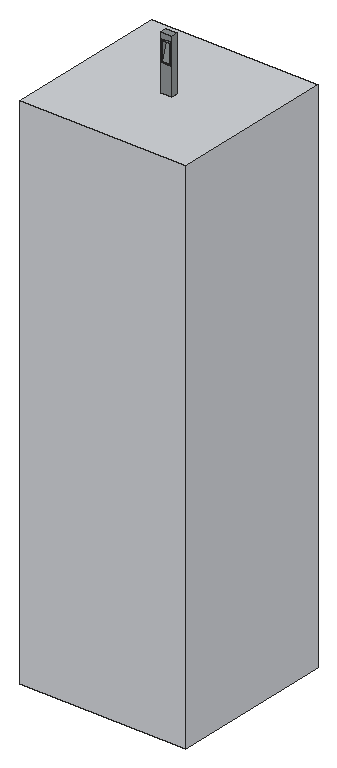
Revit family "Световой боллард Акцент", category Осветительные приборы, Revit 2018 (continued)
Definition of nested family "GALAD Акцент LED под анкер"
  Types (2, lengths in mm): name | Photometric Web File | built-in parameter 1150105 | Lumens | built-in parameter 1150106 | built-in parameter 1150142 | Wattage | ADSK_Наименование краткое | ADSK_Наименование | ADSK_Марка
    Световой боллард "Акцент" LED-20/727/YW360F в комплекте с анкерной закладной | "Akcent LED-15.ies" | 38.88 (stored number, unit not read) | 40 lm | 0.3888 (stored number, unit not read) | "IESNA:LM-63-2002\r\n[TEST] Акцент LED-15 Боллард для ландшафтного и садовопаркового сегмента\r\n[TESTLAB] GALAD(ЛЗСИ) \r\n[ISSUEDATE] 16/12/2021\r\n[MANUFAC] GALAD \r\n[LUMCAT] Акцент LED-15 (730/RAL7040/0/900/GEN1)\r\n[LUMINAIRE] \r\n[LAMPCAT] COB 730\r\n[LAMP] LED Citizen \r\n[OTHER] CCT=3000K, CRI=70, RG1\r\nTILT=NONE\r\n1 750 2.67 91 37 1 2 0.140 0.090 0.200\r\n1 1 15\r\n0 2 4 6 8 10 12 14 16 18 20 22 24 26 28 30 32 34 36 38 40 42 44 46 48 50 52 \r\n54 56 58 60 62 64 66 68 70 72 74 76 78 80 82 84 86 88 90 92 94 96 98 100 102 \r\n104 106 108 110 112 114 116 118 120 122 124 126 128 130 132 134 136 138 140 \r\n142 144 146 148 150 152 154 156 158 160 162 164 166 168 170 172 174 176 178 \r\n180 \r\n0 5 10 15 20 25 30 35 40 45 50 55 60 65 70 75 80 85 90 95 100 105 110 115 120 \r\n125 130 135 140 145 150 155 160 165 170 175 180 \r\n0.02 0.08 0.21 0.39 0.62 2.18 8.22 21.48 67.09 248.6 394.3 415.7 417.1 413.5 \r\n422.6 428.2 430.6 429.8 425.6 418.7 408.7 397.1 383.3 368.1 351.2 333.8 315.3 \r\n296.7 277.8 259.1 240.1 222.2 204.4 187.5 171.4 156.7 142.2 128.8 116.6 105.2 \r\n94.8 85.1 76.26 67.71 59.81 52.18 46.14 42.37 39.57 38.01 36.45 34.46 31.53 \r\n28.06 25.19 22.65 20.51 18.61 16.93 15.41 14.09 12.86 11.74 10.73 9.8 8.95 8.15 \r\n7.43 6.75 6.13 5.55 5.02 4.51 4.06 3.63 3.23 2.85 2.52 2.19 1.9 1.63 1.39 1.15 \r\n0.95 0.76 0.56 0.34 0.18 0.04 0.01 0.01 \r\n0.02 0.07 0.21 0.39 0.62 2.13 8.16 21.38 65.89 245.3 398.8 422.35 424.15 420 \r\n428.05 433.5 435.6 434.25 429.7 422.3 411.9 399.7 385.4 369.7 352.5 334.8 315.85 \r\n297.05 278 259.1 239.95 222 204.2 187.3 171.15 156.35 141.85 128.4 116.25 104.75 \r\n94.35 84.6 75.74 67.14 59.24 51.67 45.71 41.97 39.17 37.65 36.09 34.11 31.17 \r\n27.75 24.93 22.43 20.34 18.48 16.83 15.33 14.04 12.82 11.73 10.73 9.81 8.96 \r\n8.18 7.47 6.79 6.17 5.59 5.06 4.55 4.1 3.67 3.27 2.89 2.55 2.22 1.93 1.65 1.4 \r\n1.17 0.96 0.77 0.56 0.34 0.18 0.04 0.01 0.01 \r\n0.02 0.08 0.21 0.4 0.62 1.95 7.78 20.39 60.19 226.5 397.95 427.4 430.4 424.2 \r\n431.3 436 437.4 435.35 429.95 421.65 410.3 397.2 382.2 365.75 348.05 329.95 \r\n310.85 292 272.95 254.15 235.2 217.6 199.95 183.3 167.5 152.95 138.65 125.3 \r\n113.35 101.95 91.7 82.05 73.12 64.6 56.79 49.47 43.92 40.35 37.66 36.26 34.78 \r\n32.9 30.04 26.84 24.2 21.86 19.88 18.1 16.53 15.1 13.85 12.68 11.61 10.64 9.74 \r\n8.91 8.14 7.45 6.78 6.17 5.59 5.07 4.57 4.12 3.69 3.29 2.91 2.57 2.24 1.95 1.67 \r\n1.41 1.17 0.97 0.77 0.56 0.34 0.17 0.04 0.01 0.01 \r\n0.02 0.07 0.21 0.38 0.62 1.6 7.05 18.43 50.74 189.6 383.75 425.15 429.2 422 \r\n425.25 428.6 428 423.75 415.9 405.4 392.05 377.65 361.65 344.8 327 309.3 290.85 \r\n272.8 254.7 236.95 219.2 202.6 186.05 170.4 155.5 141.8 128.35 115.8 104.45 \r\n93.6 83.75 74.65 66.18 58.14 50.97 44.52 39.75 36.67 34.35 33.28 32.03 30.41 \r\n27.83 25.13 22.84 20.78 19 17.38 15.94 14.6 13.43 12.32 11.32 10.4 9.53 8.74 \r\n7.99 7.32 6.68 6.09 5.53 5.01 4.53 4.09 3.66 3.27 2.89 2.56 2.23 1.93 1.66 1.4 \r\n1.17 0.96 0.76 0.54 0.33 0.17 0.04 0.01 0.01 \r\n0.02 0.07 0.2 0.38 0.61 1.12 5.93 15.47 39.51 139.7 347 411.3 417.45 411.3 406.95 \r\n405.3 399.65 391 379.85 367.25 352.65 338.05 322.3 306.4 289.75 273.45 256.7 \r\n240.3 224.05 208.15 192.2 177.3 162.5 148.5 135.1 122.85 110.8 99.55 89.4 79.7 \r\n70.9 62.8 55.44 48.64 42.69 37.59 33.79 31.5 29.77 29.15 28.2 26.94 24.92 22.87 \r\n21.04 19.32 17.8 16.38 15.1 13.89 12.83 11.81 10.89 10.01 9.2 8.47 7.76 7.12 \r\n6.5 5.93 5.41 4.91 4.43 4.01 3.6 3.21 2.85 2.52 2.2 1.91 1.64 1.39 1.16 0.95 \r\n0.75 0.52 0.31 0.15 0.03 0.01 0.01 \r\n0.02 0.06 0.19 0.37 0.58 0.9 4.63 12.23 29 88.5 266.35 357.25 366.5 362.45 354.15 \r\n347.45 338.7 329.05 317.7 306.15 293.25 280.5 266.95 253.25 239.1 225.3 211.05 \r\n197.3 183.65 170.3 157 144.6 132.25 120.65 109.65 99.5 89.5 80.2 71.85 63.9 \r\n56.85 50.4 44.69 39.53 35.22 31.32 28.41 26.81 25.6 25.22 24.5 23.48 22 20.47 \r\n19.04 17.64 16.36 15.15 14.05 12.98 12.04 11.12 10.29 9.49 8.76 8.07 7.41 6.82 \r\n6.24 5.7 5.2 4.73 4.28 3.88 3.47 3.11 2.76 2.44 2.13 1.86 1.59 1.35 1.12 0.92 \r\n0.73 0.49 0.29 0.14 0.02 0.01 0.01 \r\n0.02 0.06 0.19 0.34 0.56 0.86 3.34 9.11 20.18 48.6 137.1 207.6 221.55 222.35 \r\n218.2 214.75 209.45 204.1 198.2 192.2 185.15 177.8 170.35 162.75 154.65 146.85 \r\n138.25 130.25 122.1 114.05 106 98.55 90.9 83.7 76.7 70.25 63.85 57.85 52.55 \r\n47.45 43 38.9 35.29 32.03 29.17 26.38 24.32 23.16 22.3 21.98 21.38 20.51 19.38 \r\n18.2 17.06 15.92 14.86 13.84 12.9 11.98 11.15 10.35 9.6 8.89 8.22 7.59 6.99 \r\n6.45 5.91 5.42 4.95 4.51 4.09 3.7 3.33 2.97 2.64 2.34 2.05 1.78 1.53 1.3 1.08 \r\n0.89 0.68 0.45 0.26 0.12 0.01 0.01 0.01 \r\n0.02 0.06 0.17 0.32 0.52 0.79 2.12 6.3 13.34 26 51.8 78.45 93.05 99.15 100 98.8 \r\n97.65 96.25 94.6 92.8 90.65 88.3 85.75 82.85 79.9 76.85 73.6 70.55 67.25 63.95 \r\n60.65 57.45 54.1 50.9 47.7 44.75 41.85 39.1 36.55 34.05 31.8 29.7 27.82 25.95 \r\n24.17 22.39 21.05 20.13 19.5 19.18 18.64 17.86 16.95 15.99 15.07 14.15 13.27 \r\n12.43 11.64 10.85 10.15 9.45 8.8 8.18 7.59 7.03 6.49 6.01 5.51 5.07 4.64 4.23 \r\n3.84 3.48 3.13 2.81 2.49 2.21 1.93 1.68 1.45 1.23 1.02 0.84 0.62 0.4 0.23 0.1 \r\n0.01 0.01 0.01 \r\n0.02 0.05 0.16 0.3 0.48 0.73 1.14 4.06 8.53 15.05 25.4 39 52.9 62.05 65.3 65.4 \r\n64.6 63.6 62.45 61.1 59.55 57.9 56.05 54.15 52.15 50.25 48.25 46.35 44.45 42.6 \r\n40.7 38.95 37.2 35.5 33.9 32.4 30.85 29.4 28.1 26.7 25.45 24.25 23.09 21.89 \r\n20.72 19.57 18.64 17.85 17.35 16.99 16.44 15.72 14.92 14.11 13.32 12.55 11.81 \r\n11.1 10.43 9.77 9.16 8.56 7.99 7.45 6.93 6.44 5.97 5.52 5.09 4.68 4.29 3.92 \r\n3.57 3.24 2.92 2.62 2.33 2.07 1.8 1.57 1.35 1.15 0.96 0.78 0.54 0.34 0.19 0.08 \r\n0.01 0.01 0.01 \r\n0.02 0.05 0.14 0.27 0.43 0.64 0.95 2.35 5.14 8.85 14.3 22.15 32.9 43.65 50.8 \r\n53.45 53.25 52.25 50.9 49.4 47.75 46 44.25 42.45 40.7 39 37.35 35.8 34.3 32.9 \r\n31.45 30.15 28.95 27.8 26.65 25.65 24.65 23.65 22.7 21.8 21 20.1 19.33 18.49 \r\n17.69 16.92 16.25 15.64 15.27 14.89 14.37 13.73 13.06 12.37 11.71 11.06 10.43 \r\n9.82 9.25 8.68 8.16 7.64 7.16 6.69 6.24 5.8 5.39 5.01 4.61 4.26 3.91 3.58 3.26 \r\n2.96 2.67 2.4 2.14 1.89 1.66 1.45 1.25 1.06 0.88 0.67 0.45 0.28 0.16 0.05 0.01 \r\n0.01 0.01 \r\n0.02 0.04 0.12 0.24 0.38 0.57 0.82 1.25 2.91 5.05 8.1 12.35 18.75 27.45 36.65 \r\n42.75 45 44.65 43.4 41.9 40.1 38.35 36.6 34.95 33.3 31.75 30.3 28.9 27.65 26.4 \r\n25.2 24.15 23.15 22.2 21.35 20.55 19.75 19 18.3 17.6 16.95 16.35 15.8 15.21 \r\n14.65 14.14 13.64 13.22 12.94 12.57 12.15 11.64 11.11 10.59 10.06 9.54 9.05 \r\n8.56 8.08 7.61 7.18 6.74 6.33 5.93 5.53 5.16 4.8 4.47 4.13 3.82 3.51 3.21 2.93 \r\n2.66 2.4 2.16 1.92 1.71 1.5 1.3 1.12 0.95 0.76 0.55 0.37 0.23 0.12 0.04 0.01 \r\n0.01 0.01 \r\n0.02 0.04 0.1 0.2 0.33 0.5 0.69 1 1.55 2.8 4.4 6.55 9.8 14.7 21.4 27.9 32.35 \r\n34 33.85 32.95 31.7 30.25 28.85 27.45 26.1 24.85 23.65 22.55 21.55 20.55 19.65 \r\n18.8 18 17.25 16.6 15.95 15.35 14.75 14.25 13.75 13.3 12.85 12.48 12.07 11.71 \r\n11.36 11.02 10.73 10.51 10.2 9.86 9.49 9.11 8.73 8.34 7.95 7.58 7.21 6.84 6.47 \r\n6.13 5.78 5.45 5.12 4.8 4.49 4.18 3.9 3.62 3.34 3.08 2.82 2.58 2.35 2.12 1.9 \r\n1.7 1.51 1.32 1.15 1 0.82 0.61 0.42 0.28 0.17 0.08 0.01 0.01 0.01 0.01 \r\n0.02 0.03 0.09 0.17 0.28 0.41 0.57 0.8 1.11 1.55 2.4 3.45 5.1 7.35 10.5 14 17.35 \r\n19.7 20.8 21 20.65 20.05 19.3 18.5 17.65 16.95 16.2 15.55 14.9 14.3 13.8 13.25 \r\n12.8 12.3 11.9 11.55 11.15 10.8 10.5 10.2 9.95 9.65 9.48 9.23 9.01 8.8 8.58 \r\n8.39 8.2 7.97 7.74 7.48 7.22 6.95 6.68 6.4 6.13 5.86 5.59 5.31 5.05 4.79 4.53 \r\n4.28 4.02 3.77 3.53 3.3 3.06 2.84 2.62 2.41 2.2 2.01 1.82 1.63 1.46 1.29 1.13 \r\n0.99 0.81 0.61 0.44 0.3 0.19 0.11 0.05 0.01 0.01 0.01 0.01 \r\n0.02 0.02 0.08 0.14 0.22 0.32 0.46 0.62 0.82 1.1 1.5 2.05 2.8 3.85 5.1 6.45 \r\n7.95 9.3 10.3 10.95 11.2 11.25 11.1 10.85 10.6 10.3 9.95 9.65 9.4 9.1 8.9 8.6 \r\n8.4 8.2 8 7.9 7.7 7.55 7.4 7.25 7.1 7 6.89 6.77 6.64 6.53 6.4 6.3 6.16 6.01 \r\n5.86 5.7 5.53 5.34 5.16 4.97 4.78 4.59 4.39 4.2 4.01 3.82 3.63 3.43 3.24 3.06 \r\n2.87 2.68 2.5 2.33 2.15 1.99 1.82 1.66 1.5 1.36 1.21 1.08 0.92 0.72 0.55 0.41 \r\n0.28 0.19 0.12 0.05 0.01 0.01 0.01 0.01 0.01 \r\n0.02 0.02 0.05 0.1 0.17 0.25 0.34 0.46 0.6 0.75 1 1.25 1.65 2.05 2.6 3.15 3.75 \r\n4.35 4.9 5.3 5.6 5.8 5.9 5.95 5.9 5.9 5.8 5.7 5.65 5.55 5.5 5.4 5.35 5.3 5.2 \r\n5.15 5.1 5 5 4.9 4.85 4.8 4.78 4.72 4.66 4.6 4.53 4.47 4.41 4.32 4.23 4.12 4.01 \r\n3.9 3.79 3.66 3.54 3.41 3.29 3.15 3.02 2.88 2.75 2.62 2.48 2.35 2.2 2.08 1.93 \r\n1.81 1.67 1.54 1.42 1.3 1.18 1.07 0.89 0.72 0.56 0.43 0.32 0.23 0.15 0.09 0.05 \r\n0.01 0.01 0.01 0.01 0.01 0.01 \r\n0.02 0.02 0.04 0.06 0.12 0.17 0.23 0.31 0.41 0.5 0.6 0.75 0.95 1.15 1.35 1.55 \r\n1.85 2.05 2.3 2.5 2.7 2.8 3 3.05 3.1 3.15 3.2 3.2 3.2 3.2 3.2 3.2 3.2 3.2 3.15 \r\n3.15 3.15 3.15 3.1 3.05 3.05 3.05 3.08 3.06 3.03 3.01 2.97 2.95 2.91 2.88 2.83 \r\n2.77 2.71 2.64 2.58 2.5 2.42 2.35 2.27 2.18 2.1 2.02 1.93 1.84 1.75 1.65 1.57 \r\n1.48 1.38 1.29 1.21 1.12 1 0.85 0.69 0.56 0.44 0.34 0.26 0.19 0.13 0.09 0.05 \r\n0.03 0.01 0.01 0.01 0.01 0.01 0.01 0.01 \r\n0.02 0.02 0.02 0.04 0.06 0.09 0.12 0.18 0.22 0.3 0.35 0.45 0.5 0.6 0.7 0.75 \r\n0.85 0.95 1.05 1.15 1.25 1.35 1.4 1.45 1.5 1.55 1.6 1.6 1.65 1.65 1.7 1.7 1.7 \r\n1.75 1.75 1.75 1.75 1.75 1.75 1.75 1.75 1.75 1.75 1.75 1.74 1.73 1.72 1.71 1.7 \r\n1.68 1.65 1.62 1.6 1.57 1.53 1.49 1.46 1.41 1.37 1.32 1.27 1.23 1.18 1.12 1.08 \r\n1.02 0.96 0.89 0.8 0.7 0.61 0.51 0.42 0.34 0.27 0.21 0.16 0.12 0.09 0.06 0.04 \r\n0.03 0.02 0.02 0.01 0.01 0.01 0.01 0.01 0.01 0.01 \r\n0.02 0.02 0.02 0.02 0.02 0.03 0.04 0.05 0.08 0.1 0.1 0.1 0.2 0.2 0.25 0.25 0.3 \r\n0.35 0.35 0.35 0.45 0.45 0.45 0.45 0.55 0.55 0.55 0.55 0.6 0.65 0.65 0.65 0.65 \r\n0.65 0.65 0.65 0.65 0.65 0.7 0.65 0.7 0.7 0.71 0.71 0.71 0.71 0.7 0.7 0.7 0.69 \r\n0.69 0.68 0.67 0.65 0.65 0.63 0.62 0.61 0.58 0.57 0.55 0.53 0.51 0.49 0.47 0.44 \r\n0.41 0.38 0.34 0.29 0.25 0.21 0.17 0.14 0.11 0.09 0.06 0.05 0.04 0.03 0.03 0.02 \r\n0.02 0.01 0.01 0.01 0.01 0.01 0.01 0.02 0.01 \r\n0.02 0.02 0.02 0.02 0.02 0.02 0.02 0.02 0.02 0.1 0.1 0.1 0.2 0.2 0.25 0.25 0.3 \r\n0.35 0.35 0.35 0.45 0.45 0.45 0.45 0.55 0.55 0.55 0.55 0.6 0.65 0.65 0.65 0.65 \r\n0.65 0.65 0.62 0.61 0.61 0.66 0.61 0.66 0.66 0.02 0.02 0.03 0.02 0.02 0.03 0.02 \r\n0.02 0.02 0.03 0.02 0.02 0.02 0.03 0.03 0.01 0.02 0.03 0.02 0.01 0.01 0.01 0.02 \r\n0.01 0.01 0.01 0.01 0.01 0.01 0.01 0.01 0.02 0.01 0.01 0.02 0.01 0.01 0.01 0.02 \r\n0.01 0.01 0.01 0.01 0.01 0.01 0.01 0.01 0.01 0.01 \r\n0.02 0.02 0.02 0.02 0.02 0.02 0.02 0.02 0.02 0.1 0.1 0.1 0.2 0.2 0.25 0.25 0.3 \r\n0.35 0.35 0.35 0.45 0.45 0.45 0.45 0.55 0.55 0.55 0.55 0.6 0.65 0.65 0.65 0.65 \r\n0.65 0.65 0.59 0.58 0.57 0.62 0.58 0.62 0.62 0.01 0.02 0.02 0.02 0.01 0.02 0.01 \r\n0.01 0.01 0.01 0.01 0.02 0.02 0.02 0.01 0.01 0.02 0.01 0.01 0.01 0.01 0.01 0.01 \r\n0.01 0.02 0.02 0.02 0.01 0.01 0.01 0.02 0.01 0.01 0.01 0.02 0.01 0.01 0.01 0.01 \r\n0.01 0.01 0.01 0.01 0.01 0.01 0.01 0.01 0.01 0.01 \r\n0.02 0.02 0.02 0.02 0.02 0.02 0.02 0.02 0.02 0.1 0.1 0.1 0.2 0.2 0.25 0.25 0.3 \r\n0.35 0.35 0.35 0.45 0.45 0.45 0.45 0.55 0.55 0.55 0.55 0.6 0.65 0.65 0.65 0.65 \r\n0.65 0.65 0.56 0.54 0.54 0.59 0.54 0.58 0.58 0.02 0.02 0.02 0.02 0.01 0.01 0.02 \r\n0.02 0.02 0.01 0.02 0.02 0.02 0.02 0.02 0.02 0.02 0.01 0.01 0.02 0.01 0.02 0.01 \r\n0.01 0.02 0.02 0.01 0.01 0.01 0.01 0.02 0.01 0.02 0.01 0.01 0.02 0.01 0.01 0.01 \r\n0.02 0.01 0.01 0.02 0.01 0.01 0.01 0.01 0.01 0.01 \r\n0.02 0.02 0.02 0.02 0.02 0.02 0.02 0.02 0.02 0.1 0.1 0.1 0.2 0.2 0.25 0.25 0.3 \r\n0.35 0.35 0.35 0.45 0.45 0.45 0.45 0.55 0.55 0.55 0.55 0.6 0.65 0.65 0.65 0.65 \r\n0.65 0.65 0.53 0.51 0.5 0.55 0.5 0.55 0.55 0.02 0.02 0.02 0.02 0.02 0.02 0.02 \r\n0.02 0.02 0.02 0.02 0.02 0.02 0.02 0.02 0.02 0.02 0.02 0.02 0.02 0.02 0.02 0.01 \r\n0.01 0.01 0.01 0.01 0.01 0.02 0.01 0.02 0.02 0.01 0.02 0.02 0.02 0.02 0.02 0.02 \r\n0.01 0.02 0.02 0.01 0.02 0.02 0.01 0.01 0.01 0.01 \r\n0.02 0.02 0.02 0.02 0.01 0.02 0.02 0.02 0.01 0.1 0.1 0.1 0.2 0.2 0.25 0.25 0.3 \r\n0.35 0.35 0.35 0.45 0.45 0.45 0.45 0.55 0.55 0.55 0.55 0.6 0.65 0.65 0.65 0.65 \r\n0.65 0.65 0.5 0.47 0.46 0.51 0.47 0.51 0.51 0.02 0.02 0.02 0.02 0.02 0.02 0.02 \r\n0.02 0.02 0.02 0.02 0.02 0.02 0.02 0.02 0.02 0.02 0.02 0.02 0.02 0.02 0.02 0.02 \r\n0.02 0.02 0.01 0.02 0.02 0.01 0.02 0.02 0.02 0.02 0.02 0.02 0.02 0.02 0.02 0.02 \r\n0.02 0.02 0.02 0.02 0.02 0.02 0.01 0.01 0.01 0.01 \r\n0.02 0.02 0.02 0.02 0.02 0.02 0.01 0.02 0.02 0.1 0.1 0.1 0.2 0.2 0.25 0.25 0.3 \r\n0.35 0.35 0.35 0.45 0.45 0.45 0.45 0.55 0.55 0.55 0.55 0.6 0.65 0.65 0.65 0.65 \r\n0.65 0.65 0.46 0.44 0.42 0.47 0.43 0.47 0.47 0.02 0.02 0.02 0.02 0.02 0.02 0.02 \r\n0.02 0.02 0.02 0.02 0.02 0.02 0.02 0.02 0.02 0.02 0.02 0.02 0.02 0.02 0.02 0.02 \r\n0.02 0.02 0.02 0.02 0.02 0.02 0.02 0.02 0.02 0.02 0.02 0.02 0.02 0.02 0.03 0.03 \r\n0.03 0.03 0.03 0.03 0.02 0.01 0.01 0.01 0.01 0.01 \r\n0.02 0.02 0.02 0.01 0.02 0.02 0.02 0.02 0.02 0.1 0.1 0.1 0.2 0.2 0.25 0.25 0.3 \r\n0.35 0.35 0.35 0.45 0.45 0.45 0.45 0.55 0.55 0.55 0.55 0.6 0.65 0.65 0.65 0.65 \r\n0.65 0.65 0.43 0.4 0.38 0.44 0.39 0.43 0.43 0.03 0.03 0.03 0.03 0.03 0.03 0.03 \r\n0.02 0.03 0.03 0.02 0.03 0.03 0.02 0.02 0.02 0.02 0.02 0.02 0.02 0.02 0.02 0.02 \r\n0.02 0.02 0.02 0.02 0.02 0.02 0.02 0.02 0.02 0.02 0.02 0.03 0.03 0.03 0.03 0.03 \r\n0.03 0.03 0.03 0.03 0.02 0.02 0.01 0.01 0.01 0.01 \r\n0.02 0.02 0.02 0.02 0.02 0.02 0.02 0.02 0.02 0.1 0.1 0.1 0.2 0.2 0.25 0.25 0.3 \r\n0.35 0.35 0.35 0.45 0.45 0.45 0.45 0.55 0.55 0.55 0.55 0.6 0.65 0.65 0.65 0.65 \r\n0.65 0.65 0.4 0.37 0.35 0.4 0.36 0.39 0.39 0.03 0.03 0.03 0.03 0.03 0.03 0.03 \r\n0.03 0.03 0.03 0.03 0.03 0.03 0.03 0.03 0.03 0.03 0.02 0.03 0.03 0.02 0.02 0.02 \r\n0.02 0.02 0.02 0.02 0.02 0.02 0.02 0.03 0.03 0.03 0.03 0.03 0.03 0.04 0.04 0.04 \r\n0.04 0.04 0.04 0.03 0.03 0.02 0.01 0.01 0.01 0.01 \r\n0.02 0.02 0.02 0.02 0.01 0.01 0.02 0.02 0.02 0.1 0.1 0.1 0.2 0.2 0.25 0.25 0.3 \r\n0.35 0.35 0.35 0.45 0.45 0.45 0.45 0.55 0.55 0.55 0.55 0.6 0.65 0.65 0.65 0.65 \r\n0.65 0.65 0.37 0.33 0.31 0.36 0.32 0.35 0.35 0.03 0.03 0.03 0.03 0.03 0.03 0.03 \r\n0.03 0.03 0.03 0.03 0.03 0.03 0.03 0.03 0.03 0.03 0.03 0.03 0.03 0.03 0.03 0.03 \r\n0.03 0.02 0.03 0.02 0.02 0.02 0.03 0.03 0.03 0.03 0.04 0.04 0.04 0.05 0.05 0.05 \r\n0.05 0.05 0.04 0.03 0.03 0.03 0.01 0.01 0.01 0.01 \r\n0.02 0.02 0.01 0.02 0.01 0.01 0.02 0.02 0.01 0.1 0.1 0.1 0.2 0.2 0.25 0.25 0.3 \r\n0.35 0.35 0.35 0.45 0.45 0.45 0.45 0.55 0.55 0.55 0.55 0.6 0.65 0.65 0.65 0.65 \r\n0.65 0.65 0.34 0.3 0.27 0.32 0.28 0.31 0.31 0.03 0.03 0.04 0.04 0.04 0.04 0.04 \r\n0.04 0.04 0.04 0.04 0.04 0.04 0.04 0.04 0.04 0.04 0.04 0.03 0.03 0.03 0.03 0.03 \r\n0.03 0.03 0.03 0.03 0.03 0.03 0.04 0.04 0.04 0.05 0.05 0.05 0.06 0.06 0.06 0.06 \r\n0.05 0.05 0.05 0.04 0.03 0.02 0.01 0.01 0.01 0.01 \r\n0.02 0.02 0.02 0.02 0.01 0.01 0.02 0.02 0.02 0.1 0.1 0.1 0.2 0.2 0.25 0.25 0.3 \r\n0.35 0.35 0.35 0.45 0.45 0.45 0.45 0.55 0.55 0.55 0.55 0.6 0.65 0.65 0.65 0.65 \r\n0.65 0.65 0.31 0.26 0.23 0.29 0.25 0.27 0.27 0.04 0.04 0.04 0.05 0.04 0.05 0.05 \r\n0.05 0.05 0.05 0.05 0.05 0.05 0.05 0.05 0.05 0.05 0.05 0.05 0.05 0.04 0.04 0.04 \r\n0.04 0.04 0.03 0.04 0.04 0.04 0.05 0.05 0.06 0.06 0.07 0.07 0.07 0.07 0.07 0.07 \r\n0.06 0.05 0.05 0.04 0.03 0.03 0.01 0.01 0.01 0.01 \r\n0.02 0.01 0.01 0.02 0.01 0.01 0.02 0.02 0.01 0.1 0.1 0.1 0.2 0.2 0.25 0.25 0.3 \r\n0.35 0.35 0.35 0.45 0.45 0.45 0.45 0.55 0.55 0.55 0.55 0.6 0.65 0.65 0.65 0.65 \r\n0.65 0.65 0.28 0.22 0.19 0.25 0.21 0.23 0.23 0.04 0.05 0.05 0.05 0.05 0.05 0.05 \r\n0.06 0.06 0.06 0.06 0.06 0.06 0.06 0.06 0.06 0.06 0.06 0.06 0.06 0.06 0.05 0.05 \r\n0.05 0.05 0.05 0.05 0.05 0.06 0.06 0.07 0.08 0.08 0.08 0.08 0.08 0.08 0.08 0.07 \r\n0.07 0.06 0.05 0.04 0.03 0.03 0.01 0.01 0.01 0.01 \r\n0.02 0.01 0.01 0.01 0.02 0.01 0.01 0.02 0.01 0.1 0.1 0.1 0.2 0.2 0.25 0.25 0.3 \r\n0.35 0.35 0.35 0.45 0.45 0.45 0.45 0.55 0.55 0.55 0.55 0.6 0.65 0.65 0.65 0.65 \r\n0.65 0.65 0.25 0.19 0.15 0.21 0.17 0.2 0.2 0.05 0.05 0.06 0.06 0.06 0.06 0.07 \r\n0.07 0.08 0.08 0.08 0.08 0.08 0.08 0.09 0.08 0.08 0.09 0.08 0.08 0.08 0.07 0.07 \r\n0.07 0.06 0.06 0.06 0.06 0.07 0.08 0.09 0.09 0.09 0.09 0.09 0.09 0.09 0.08 0.08 \r\n0.07 0.06 0.05 0.04 0.03 0.03 0.02 0.01 0.01 0.01 \r\n0.02 0.01 0.02 0.01 0.02 0.02 0.01 0.
      02 0.01 0.1 0.1 0.1 0.2 0.2 0.25 0.25 0.3 \r\n0.35 0.35 0.35 0.45 0.45 0.45 0.45 0.55 0.55 0.55 0.55 0.6 0.65 0.65 0.65 0.65 \r\n0.65 0.65 0.22 0.15 0.12 0.17 0.14 0.16 0.16 0.05 0.06 0.06 0.07 0.07 0.08 0.08 \r\n0.09 0.09 0.09 0.1 0.1 0.1 0.1 0.1 0.1 0.1 0.1 0.1 0.1 0.09 0.09 0.09 0.09 0.08 \r\n0.08 0.08 0.08 0.09 0.09 0.1 0.1 0.1 0.1 0.1 0.1 0.09 0.09 0.08 0.07 0.06 0.05 \r\n0.04 0.03 0.03 0.02 0.01 0.01 0.01 \r\n0.02 0.02 0.01 0.01 0.01 0.01 0.01 0.02 0.01 0.1 0.1 0.1 0.2 0.2 0.25 0.25 0.3 \r\n0.35 0.35 0.35 0.45 0.45 0.45 0.45 0.55 0.55 0.55 0.55 0.6 0.65 0.65 0.65 0.65 \r\n0.65 0.65 0.19 0.12 0.1 0.14 0.1 0.12 0.12 0.06 0.07 0.08 0.08 0.09 0.09 0.1 \r\n0.1 0.11 0.11 0.12 0.12 0.12 0.12 0.12 0.12 0.12 0.12 0.12 0.12 0.12 0.11 0.11 \r\n0.1 0.09 0.09 0.09 0.09 0.1 0.1 0.11 0.12 0.12 0.12 0.11 0.1 0.1 0.09 0.09 0.08 \r\n0.06 0.05 0.04 0.03 0.03 0.02 0.02 0.01 0.01 \r\n0.02 0.02 0.01 0.01 0.01 0.01 0.01 0.01 0.01 0.1 0.1 0.1 0.2 0.2 0.25 0.25 0.3 \r\n0.35 0.35 0.35 0.45 0.45 0.45 0.45 0.55 0.55 0.55 0.55 0.6 0.65 0.65 0.65 0.65 \r\n0.65 0.65 0.19 0.1 0.1 0.12 0.1 0.1 0.1 0.07 0.08 0.08 0.09 0.1 0.1 0.11 0.11 \r\n0.12 0.12 0.13 0.13 0.14 0.14 0.14 0.14 0.14 0.14 0.14 0.14 0.13 0.13 0.12 0.12 \r\n0.1 0.1 0.1 0.1 0.12 0.12 0.13 0.13 0.14 0.13 0.13 0.12 0.11 0.1 0.09 0.08 0.06 \r\n0.05 0.04 0.03 0.03 0.02 0.02 0.01 0.01 \r\n0.02 0.02 0.01 0.02 0.01 0.01 0.01 0.02 0.01 0.1 0.1 0.1 0.2 0.2 0.25 0.25 0.3 \r\n0.35 0.35 0.35 0.45 0.45 0.45 0.45 0.55 0.55 0.55 0.55 0.6 0.65 0.65 0.65 0.65 \r\n0.65 0.65 0.19 0.1 0.1 0.1 0.1 0.1 0.1 0.08 0.09 0.09 0.1 0.1 0.11 0.12 0.12 \r\n0.13 0.14 0.14 0.14 0.15 0.15 0.15 0.16 0.15 0.15 0.15 0.15 0.14 0.14 0.13 0.12 \r\n0.11 0.11 0.11 0.11 0.12 0.13 0.14 0.14 0.15 0.15 0.14 0.13 0.12 0.11 0.09 0.09 \r\n0.07 0.05 0.04 0.03 0.03 0.02 0.02 0.01 0.01 \r\n0.02 0.01 0.01 0.02 0.01 0.01 0.01 0.02 0.01 0.1 0.1 0.1 0.2 0.2 0.25 0.25 0.3 \r\n0.35 0.35 0.35 0.45 0.45 0.45 0.45 0.55 0.55 0.55 0.55 0.6 0.65 0.65 0.65 0.65 \r\n0.65 0.65 0.19 0.1 0.1 0.1 0.1 0.1 0.1 0.08 0.09 0.09 0.1 0.11 0.12 0.13 0.13 \r\n0.14 0.14 0.15 0.15 0.16 0.16 0.16 0.17 0.16 0.16 0.16 0.15 0.15 0.14 0.14 0.13 \r\n0.12 0.11 0.11 0.11 0.13 0.14 0.15 0.15 0.16 0.16 0.15 0.14 0.13 0.12 0.1 0.09 \r\n0.07 0.05 0.04 0.03 0.03 0.02 0.02 0.01 0.01 \r\n0.02 0.02 0.02 0.01 0.01 0.01 0.02 0.02 0.01 0.1 0.1 0.1 0.2 0.2 0.25 0.25 0.3 \r\n0.35 0.35 0.35 0.45 0.45 0.45 0.45 0.55 0.55 0.55 0.55 0.6 0.65 0.65 0.65 0.65 \r\n0.65 0.65 0.19 0.1 0.1 0.1 0.1 0.1 0.1 0.08 0.09 0.1 0.1 0.11 0.12 0.13 0.14 \r\n0.14 0.15 0.15 0.16 0.16 0.16 0.17 0.16 0.17 0.16 0.16 0.16 0.15 0.15 0.14 0.13 \r\n0.12 0.11 0.11 0.11 0.13 0.14 0.15 0.16 0.16 0.16 0.16 0.15 0.13 0.12 0.1 0.08 \r\n0.07 0.05 0.03 0.03 0.03 0.02 0.02 0.02 0.01 \r\n" | 0.269284 W | "\"Акцент\" LED-20/727/YW360F" | "Световой боллард \"Акцент\" LED-20/727/YW360F  в комплекте с анкерной закладной" | "Световой боллард \"Акцент\" LED-20/727/YW360F  в комплекте с анкерной закладной"
  Reference planes
    plane 1 "По центру (Вперед/Назад)": y = 0
    plane 2: z = 0
    plane 3 "По центру (Влево/Вправо)": x = 0
    plane 4: y = 50
    plane 5: y = -50
    plane 6: x = -80
    plane 7: x = 80
    plane 8: z = 800
    plane 9: z = 420
    plane 10: z = 710
    plane 11: x = -60
    plane 12: x = 60
  Forms (mm)
    Extrusion 1, solid
      sketch origin (0, 0, 0) x (1, 0, 0) y (0, 1, 0)
        loop
          line (-1219.2, 1219.2) -> (-1219.2, -1219.2) -> (1219.2, -1219.2) -> (1219.2, 1219.2) -> (-1219.2, 1219.2)
      from 0 to -1350.984
    Extrusion 2, solid, material <- "Материал корпуса"
      sketch origin (0, 0, 0) x (1, 0, 0) y (0, 1, 0)
        loop
          line (-80, 50) -> (-80, -50) -> (80, -50) -> (80, 50) -> (-80, 50)
      from 0 to 800
    Extrusion 3, solid, material <- "Материал корпуса", detail levels fine
      sketch origin (-805.216, -50, 1219.2) x (-1, 0, 0) y (0, 0, 1)
        loop
          line (-745.216, -509.2) -> (-865.216, -509.2) -> (-865.216, -799.2) -> (-745.216, -799.2) -> (-745.216, -509.2)
        loop
          line (-735.216, -499.2) -> (-875.216, -499.2) -> (-875.216, -809.2) -> (-735.216, -809.2) -> (-735.216, -499.2)
      from 0 to -2
    Extrusion 4, void
      sketch origin (0, 0, 0) x (0, -1, 0) y (0, 0, 1)
        loop
          line (50, 710) -> (-40, 710) -> (50, 420) -> (50, 710)
      from -60 to 60
  Cuts and joins
    Extrusion 4 cuts Extrusion 2
    Extrusion 4 cuts Extrusion 3
  Dimensions and locks
    equal spacing: plane 6, plane 3 "По центру (Влево/Вправо)", plane 7
    equal spacing: plane 4, plane 1 "По центру (Вперед/Назад)", plane 5
    "ADSK_Размер_Ширина": plane 4 to plane 5
    "ADSK_Размер_Длина": plane 6 to plane 7
    "ADSK_Размер_Высота": plane 8 to level
    aligned and locked: plane 2 to Extrusion 1
    aligned and locked: level to Extrusion 1
    aligned and locked: Extrusion 2 sketch curve to plane 4
    aligned and locked: plane 6 to Extrusion 2 sketch curve
    aligned and locked: plane 5 to Extrusion 2 sketch curve
    aligned and locked: Extrusion 2 sketch curve to plane 7
    aligned and locked: plane 8 to Extrusion 2
    aligned and locked: plane 10 to Extrusion 3 sketch curve
    aligned and locked: Extrusion 3 sketch curve to plane 11
    aligned and locked: plane 9 to Extrusion 3 sketch curve
    aligned and locked: Extrusion 3 sketch curve to plane 12
  Automatic sketch dimensions
    Extrusion 1 sketch curve to Extrusion 1 sketch curve = 2438.4 mm  (x2)
    Extrusion 3 sketch curve to plane 12 = 10 mm
    plane 10 to Extrusion 3 sketch curve = 10 mm
    plane 9 to Extrusion 3 sketch curve = 10 mm
    Extrusion 3 sketch curve to plane 11 = 10 mm
    Extrusion 4 sketch curve to plane 5 = 0 mm
    plane 9 to Extrusion 4 sketch curve = 0 mm
    Extrusion 4 sketch curve to plane 10 = 0 mm
    Extrusion 4 sketch curve to plane 4 = 10 mm
  Connectors
    electrical at (0, 0, 0), driven by "ADSK_Классификация нагрузок", driven by "ADSK_Напряжение", driven by "ADSK_Полная мощность", driven by "ADSK_Коэффициент мощности"
      settings: index 1, voltage 230 V, apparent load 22.2222 VA, apparent load phase1 0 VA, apparent load phase2 0 VA, apparent load phase3 0 VA, power factor 0.9, load classification none, number of poles 1, system type 30, power factor state 1, is connector primary yes, connector utility no, sub classification motor no, connector description ""
Types (2, lengths in mm): name | Светильник | ADSK_Наименование краткое | ADSK_Наименование | ADSK_Марка | ADSK_Код изделия
  Световой боллард Акцент LED-20/727/YW360F в комплекте с анкерной закладной | GALAD Акцент LED под анкер : Световой боллард "Акцент" LED-20/727/YW360F в комплекте с анкерной закладной | "Акцент LED-20/727/YW360F" | "Световой боллард Акцент LED-20/727/YW360F в комплекте с анкерной закладной" | "Световой боллард Акцент LED-20/727/YW360F в комплекте с анкерной закладной" | "19717"
  Световой боллард Акцент LED-15/727/YW360F  в комплекте с анкерной закладной | GALAD Акцент LED под анкер : Световой боллард "Акцент" LED-15/727/YW360F  в комплекте с анкерной закладной | "Акцент LED-15/727/YW360F" | "Световой боллард Акцент LED-15/727/YW360F  в комплекте с анкерной закладной" | "Световой боллард Акцент LED-15/727/YW360F  в комплекте с анкерной закладной" | "19716"
